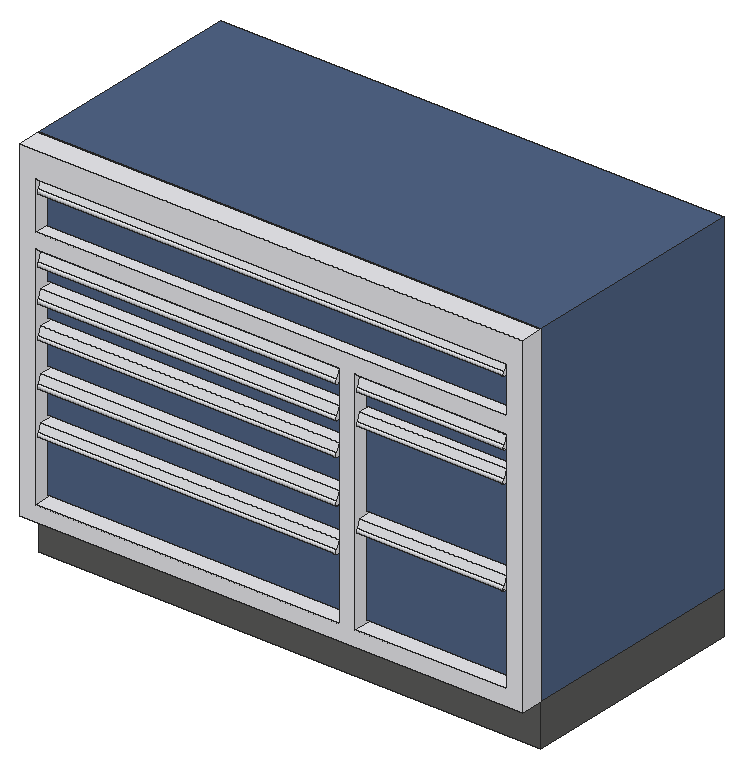
Revit family "Cabinet_Big-Drawer_No-Doors_Moduline", category Furniture, Revit 2025
Family settings
  OmniClass Number = 23.40.20.00
  OmniClass Title = General Furniture and Specialties
  Work Plane-Based = No
  Enable Cutting in Views = No
  Always vertical = Yes
  Cut with Voids When Loaded = No
  Render Appearance Source = Family Geometry
  Shared = No
  Room Calculation Point = No
Parameters (values of type "32"H x 24"D x 48"W")
  Width = 48.000"
  URL = "https://modulinecabinets.com"
  Toe Kick Material [instance] = Metal - Moduline Aluminum Cabinets - Black
  Toe Kick Height [instance] = if(Toe Kick 2in, 2.000", 4.000")  # 4.000"
  Toe Kick 4in [instance] = not(Toe Kick 2in)  # yes
  Toe Kick 2in [instance] = no
  Right Drawers Segment Length = if(Width = 48.000", 14.000", if(Width = 60.000", 22.500", 0.000"))  # 14.000"
  Product Page URL = "https://www.arcat.com/company/moduline-aluminum-cabinets-54175"
  Model = "Pro II Big Drawer Units"
  Manufacturer = "Moduline Aluminum Cabinets"
  Left Drawers Segment Length = if(Width = 60.000", 32.000", if(Width = 48.000", 28.500", 0.000"))  # 28.500"
  Keynote = "12 35 00"
  Height = 31.875"
  Handle Length = Width - 3.500"  # 44.500"
  Frame Material [instance] = Aluminum - Moduline Aluminum Cabinets - Clear Anodized
  Drawer Clearance = if(Depth = 24.000", 20.750", if(Depth = 18.000", 14.750", 0.000"))  # 20.750"
  Description = "Modular Big Drawer Unit, 32\" Height x 24\" Depth x 48\" Width"
  Depth = 24.000"  # constant formula
  Default Elevation = 0.000"
  Copyright = "ARCAT"
  Cabinet Material [instance] = Aluminum - Moduline Aluminum Cabinets - Moduline Blue
  36" Height Drawers Configuration = no
  32" Height Drawers Configuration = yes
Types (4): name | Width | Right Drawers Segment Length | Left Drawers Segment Length | Height | Handle Length | Description | 36" Height Drawers Configuration | 32" Height Drawers Configuration
  32"H x 24"D x 48"W | 48.000" | 14.000" | 28.500" | 31.875" | 44.500" | "Modular Big Drawer Unit, 32\" Height x 24\" Depth x 48\" Width" | no | yes
  36"H x 24"D x 60"W | 60.000" | 22.500" | 32.000" | 35.875" | 56.500" | "Modular Big Drawer Unit, 36\" Height x 24\" Depth x 60\" Width" | yes | no
  36"H x 24"D x 48"W | 48.000" | 14.000" | 28.500" | 35.875" | 44.500" | "Modular Big Drawer Unit, 36\" Height x 24\" Depth x 48\" Width" | yes | no
  32"H x 24"D x 60"W | 60.000" | 22.500" | 32.000" | 31.875" | 56.500" | "Modular Big Drawer Unit, 32\" Height x 24\" Depth x 60\" Width" | no | yes
Reference planes (in)
  plane 1 "Center Front/Back": y = 0
  plane 2 "Bottom": z = 0
  plane 3 "Center Left/Right": x = 0
  plane 4 "Top": z = 35.875
  plane 5 "Left": x = -24
  plane 6 "Right": x = 24
  plane 7 "Toe Kick Height": z = 4
  plane 8 "Front": y = -24
  plane 9 "Frame Back": y = -21.81448
  plane 10 "Drawer Handle": y = -22.31448
  plane 11 "Left Door/Drawer": x = -22.25
  plane 12 "Left Left Door/Drawer": x = 6.25
  plane 13 "Right Door/Drawer": x = 8.25
  plane 14 "Right Right Door/Drawer": x = 22.25
Forms (in)
  Extrusion 1, solid, material "Metal - Moduline Aluminum Cabinets - Black" <- "Toe Kick Material"
    sketch origin (0, 0, 0) x (0, 1, 0) y (0, 0, 1)
      loop
        line (-21.81448, 4) -> (-21.81448, 0) -> (0, 0) -> (0, 4) -> (-21.81448, 4)
    from -24 to 24
  Extrusion 2, solid, material "Aluminum - Moduline Aluminum Cabinets - Clear Anodized" <- "Frame Material"
    sketch origin (0, 0, 0) x (1, 0, 0) y (0, 0, 1)
      loop
        line (-24, 35.875) -> (-24, 4) -> (24, 4) -> (24, 35.875) -> (-24, 35.875)
      loop
        line (-22.5, 33.38183) -> (-22.5, 28.85618) -> (22.5, 28.85618) -> (22.5, 33.38183) -> (-22.5, 33.38183)
      loop
        line (-22.5, 5.5) -> (6.5, 5.5) -> (6.5, 27.36196) -> (-22.5, 27.36196) -> (-22.5, 5.5)
      loop
        line (22.5, 5.5) -> (22.5, 27.36196) -> (8, 27.36196) -> (8, 5.5) -> (22.5, 5.5)
    from 21.81448 to 24
  Extrusion 3, solid, material "Aluminum - Moduline Aluminum Cabinets - Moduline Blue" <- "Cabinet Material", visible <- "32" Height Drawers Configuration"
    sketch origin (0, 0, 0) x (1, 0, 0) y (0, 0, 1)
      loop
        line (-22.25, 12.14196) -> (-22.25, 5.9) -> (6.25, 5.9) -> (6.25, 12.14196) -> (-22.25, 12.14196)
      loop
        line (-22.25, 16.28696) -> (-22.25, 12.78696) -> (6.25, 12.78696) -> (6.25, 16.28696) -> (-22.25, 16.28696)
      loop
        line (-22.25, 16.93196) -> (6.25, 16.93196) -> (6.25, 20.43196) -> (-22.25, 20.43196) -> (-22.25, 16.93196)
      loop
        line (-22.25, 23.57696) -> (-22.25, 21.07696) -> (6.25, 21.07696) -> (6.25, 23.57696) -> (-22.25, 23.57696)
      loop
        line (-22.25, 24.22196) -> (6.25, 24.22196) -> (6.25, 26.72196) -> (-22.25, 26.72196) -> (-22.25, 24.22196)
      loop
        line (8.25, 14.64196) -> (8.25, 5.9) -> (22.25, 5.9) -> (22.25, 14.64196) -> (8.25, 14.64196)
      loop
        line (8.25, 23.78696) -> (8.25, 15.28696) -> (22.25, 15.28696) -> (22.25, 23.78696) -> (8.25, 23.78696)
      loop
        line (8.25, 24.22196) -> (22.25, 24.22196) -> (22.25, 26.72196) -> (8.25, 26.72196) -> (8.25, 24.22196)
      loop
        line (-22.25, 32.994) -> (-22.25, 28.994) -> (22.25, 28.994) -> (22.25, 32.994) -> (-22.25, 32.994)
    from 21.81448 to 22.89839
  Extrusion 4, solid, material "Aluminum - Moduline Aluminum Cabinets - Moduline Blue" <- "Cabinet Material"
    sketch origin (0, 0, 0) x (0, 1, 0) y (0, 0, 1)
      loop
        line (0, 35.875) -> (-21.81448, 35.875) -> (-21.81448, 4) -> (0, 4) -> (0, 35.875)
    from -24 to 24
  Extrusion 5, solid, material "Aluminum - Moduline Aluminum Cabinets - Moduline Blue" <- "Cabinet Material", visible <- "36" Height Drawers Configuration"
    sketch origin (0, -22.31448, 0) x (0, 0, 1) y (-1, 0, 0)
      loop
        line (36.999, 22.25) -> (32.999, 22.25) -> (32.999, -22.25) -> (36.999, -22.25) -> (36.999, 22.25)
      loop
        line (12.07196, 22.25) -> (5.9, 22.25) -> (5.9, -6.25) -> (12.07196, -6.25) -> (12.07196, 22.25)
      loop
        line (16.21696, 22.25) -> (12.71696, 22.25) -> (12.71696, -6.25) -> (16.21696, -6.25) -> (16.21696, 22.25)
      loop
        line (20.36196, 22.25) -> (16.86196, 22.25) -> (16.86196, -6.25) -> (20.36196, -6.25) -> (20.36196, 22.25)
      loop
        line (21.00696, 22.25) -> (21.00696, -6.25) -> (24.50696, -6.25) -> (24.50696, 22.25) -> (21.00696, 22.25)
      loop
        line (25.15196, 22.25) -> (25.15196, -6.25) -> (27.65196, -6.25) -> (27.65196, 22.25) -> (25.15196, 22.25)
      loop
        line (30.79696, 22.25) -> (28.29696, 22.25) -> (28.29696, -6.25) -> (30.79696, -6.25) -> (30.79696, 22.25)
      loop
        line (5.9, -8.25) -> (5.9, -22.25) -> (16.4, -22.25) -> (16.4, -8.25) -> (5.9, -8.25)
      loop
        line (30.555, -8.25) -> (28.055, -8.25) -> (28.055, -22.25) -> (30.555, -22.25) -> (30.555, -8.25)
      loop
        line (27.41781, -8.25) -> (16.91781, -8.25) -> (16.91781, -22.25) -> (27.41781, -22.25) -> (27.41781, -8.25)
    from -0.5 to 0.58391
Lines and regions (in)
  Masking region 1
    outline origin (0, 0, 0) x (1, 0, 0) y (0, 1, 0)
      loop
        line (-24, 0) -> (-24, -24) -> (24, -24) -> (24, 0) -> (-24, 0)
  model lines
    curve 1: line (24, 0, 35.3385) -> (24, 0, 35.50732)
  symbolic lines, style "FurnitureHiddenLines"
    curve 2: line (-24, -24, 35.875) -> (-24, -44.75, 35.875)
    curve 3: line (-24, -44.75, 35.875) -> (24, -44.75, 35.875)
    curve 4: line (24, -44.75, 35.875) -> (24, -24, 35.875)
Dimensions and locks (in)
  "Toe Kick Height": plane 7 "Toe Kick Height" to plane 2 "Bottom"
  "Height": plane 4 "Top" to plane 7 "Toe Kick Height"
  "Width": plane 6 "Right" to plane 5 "Left"
  equal spacing: plane 6 "Right", plane 3 "Center Left/Right", plane 5 "Left"
  locked: plane 8 "Front" to Extrusion 1 sketch curve at 2.18552
  plane 9 "Frame Back" to plane 8 "Front" = 2.18552"
  plane 9 "Frame Back" to plane 10 "Drawer Handle" = 0.500"
  "Depth": plane 8 "Front" to plane 1 "Center Front/Back"
  "Drawer Clearance": curve 3 to plane 8 "Front"
  plane 4 "Top" to Extrusion 2 sketch curve = 2.49317"
  plane 10 "Drawer Handle" to plane 8 "Front" = 1.68552"
  Extrusion 2 sketch curve to plane 6 "Right" = 16.000"
  Extrusion 2 sketch curve to plane 6 "Right" = 17.500"
  locked: plane 4 "Top" to Extrusion 2 sketch curve at 7.01882
  locked: plane 4 "Top" to Extrusion 2 sketch curve at 8.51304  (x2)
  plane 11 "Left Door/Drawer" to plane 5 "Left" = 1.750"
  "Left Drawers Segment Length": plane 12 "Left Left Door/Drawer" to plane 11 "Left Door/Drawer"
  locked: Extrusion 2 sketch curve to plane 12 "Left Left Door/Drawer" at 0.25
  locked: Extrusion 2 sketch curve to plane 12 "Left Left Door/Drawer" at 1.75
  locked: Extrusion 3 sketch curve to plane 12 "Left Left Door/Drawer" at 2  (x3)
  locked: plane 4 "Top" to nested 1 at 3.11233
  locked: plane 4 "Top" to nested 4 at 9.38938
  locked: plane 4 "Top" to nested 2 at 12.53438
  locked: plane 4 "Top" to nested 3 at 15.67938
  locked: plane 4 "Top" to nested 5 at 19.82438
  locked: plane 4 "Top" to nested 6 at 23.96938
  "Right Drawers Segment Length": plane 14 "Right Right Door/Drawer" to plane 13 "Right Door/Drawer"
  plane 6 "Right" to plane 14 "Right Right Door/Drawer" = 1.750"
  plane 13 "Right Door/Drawer" to plane 12 "Left Left Door/Drawer" = 2.000"
  locked: plane 4 "Top" to nested 7 at 9.38938
  locked: plane 4 "Top" to nested 8 at 12.32438  (x2)
  locked: plane 4 "Top" to nested 9 at 21.46938
  Extrusion 2 sketch curve to plane 13 "Right Door/Drawer" = 0.250"
  locked: plane 4 "Top" to Extrusion 3 sketch curve at 6.881
  locked: plane 4 "Top" to Extrusion 3 sketch curve at 2.881
  Extrusion 3 sketch curve to Extrusion 3 sketch curve = 2.500"  (x3)
  Extrusion 3 sketch curve to Extrusion 3 sketch curve = 3.500"  (x2)
  Extrusion 3 sketch curve to Extrusion 3 sketch curve = 6.24196"
  Extrusion 3 sketch curve to Extrusion 3 sketch curve = 8.74196"
  Extrusion 3 sketch curve to Extrusion 3 sketch curve = 8.500"
  locked: Extrusion 5 sketch curve to Extrusion 5 sketch curve at 4
  Extrusion 5 sketch curve to Extrusion 5 sketch curve = 2.500"  (x3)
  Extrusion 5 sketch curve to Extrusion 5 sketch curve = 3.500"  (x3)
  Extrusion 5 sketch curve to Extrusion 5 sketch curve = 6.17196"
  Extrusion 5 sketch curve to Extrusion 3 = 10.500"
  Extrusion 5 sketch curve to Extrusion 5 sketch curve = 10.500"
  locked: plane 4 "Top" to nested 10 at 9.31438
  locked: plane 4 "Top" to nested 11 at 12.45938
  locked: plane 4 "Top" to nested 12 at 15.60438
  locked: plane 4 "Top" to nested 13 at 19.74938
  locked: plane 4 "Top" to nested 14 at 23.89438
  locked: plane 4 "Top" to nested 15 at 28.03938
  locked: plane 4 "Top" to nested 16 at 9.31438
  locked: plane 4 "Top" to nested 18 at 23.46938
  Extrusion 3 sketch curve to Extrusion 2 = 0.400"
  aligned and locked: level to plane 2 "Bottom"
  aligned and locked: plane 7 "Toe Kick Height" to Extrusion 1 sketch curve
  aligned and locked: plane 1 "Center Front/Back" to Extrusion 1 sketch curve
  aligned and locked: plane 2 "Bottom" to Extrusion 1 sketch curve
  aligned and locked: plane 6 "Right" to Extrusion 1
  aligned and locked: Extrusion 1 to plane 5 "Left"
  aligned and locked: Extrusion 2 sketch curve to plane 4 "Top"
  aligned and locked: plane 5 "Left" to Extrusion 2 sketch curve
  aligned and locked: Extrusion 2 sketch curve to plane 6 "Right"
  aligned and locked: Extrusion 2 sketch curve to plane 7 "Toe Kick Height"
  aligned and locked: Extrusion 2 to plane 8 "Front"
  aligned and locked: plane 9 "Frame Back" to Extrusion 2
  aligned and locked: plane 9 "Frame Back" to Extrusion 3
  aligned and locked: Masking region 1 sketch curve to plane 6 "Right"
  aligned and locked: plane 1 "Center Front/Back" to Masking region 1 sketch curve
  aligned and locked: plane 5 "Left" to Masking region 1 sketch curve
  aligned and locked: plane 8 "Front" to Masking region 1 sketch curve
  aligned and locked: Extrusion 3 sketch curve to plane 12 "Left Left Door/Drawer"  (x3)
  aligned and locked: plane 12 "Left Left Door/Drawer" to Extrusion 3 sketch curve  (x2)
  aligned and locked: Extrusion 3 sketch curve to plane 11 "Left Door/Drawer"  (x2)
  aligned and locked: plane 11 "Left Door/Drawer" to Extrusion 3 sketch curve  (x3)
  aligned and locked: plane 12 "Left Left Door/Drawer" to nested 4
  aligned and locked: plane 11 "Left Door/Drawer" to nested 4
  aligned and locked: plane 11 "Left Door/Drawer" to nested 2
  aligned and locked: plane 12 "Left Left Door/Drawer" to nested 2
  aligned and locked: plane 12 "Left Left Door/Drawer" to nested 3
  aligned and locked: plane 11 "Left Door/Drawer" to nested 3
  aligned and locked: plane 11 "Left Door/Drawer" to nested 5
  aligned and locked: plane 12 "Left Left Door/Drawer" to nested 5
  aligned and locked: plane 11 "Left Door/Drawer" to nested 6
  aligned and locked: plane 12 "Left Left Door/Drawer" to nested 6
  aligned and locked: plane 11 "Left Door/Drawer" to nested 1
  aligned and locked: plane 14 "Right Right Door/Drawer" to nested 1
  aligned and locked: plane 14 "Right Right Door/Drawer" to nested 7
  aligned and locked: plane 14 "Right Right Door/Drawer" to nested 8
  aligned and locked: plane 14 "Right Right Door/Drawer" to nested 9
  aligned and locked: plane 1 "Center Front/Back" to Extrusion 4 sketch curve
  aligned and locked: Extrusion 4 sketch curve to plane 4 "Top"
  aligned and locked: Extrusion 4 sketch curve to plane 7 "Toe Kick Height"
  aligned and locked: plane 9 "Frame Back" to Extrusion 4 sketch curve
  aligned and locked: plane 6 "Right" to Extrusion 4
  aligned and locked: Extrusion 4 to plane 5 "Left"
  aligned and locked: plane 11 "Left Door/Drawer" to Extrusion 5 sketch curve  (x4)
  aligned and locked: Extrusion 5 sketch curve to plane 14 "Right Right Door/Drawer"  (x2)
  aligned and locked: Extrusion 5 sketch curve to plane 12 "Left Left Door/Drawer"  (x3)
  aligned and locked: Extrusion 5 sketch curve to plane 11 "Left Door/Drawer"
  aligned and locked: plane 12 "Left Left Door/Drawer" to Extrusion 5 sketch curve
  aligned and locked: Extrusion 5 sketch curve to plane 13 "Right Door/Drawer"
  aligned and locked: plane 14 "Right Right Door/Drawer" to Extrusion 5 sketch curve
  aligned and locked: plane 13 "Right Door/Drawer" to Extrusion 5 sketch curve
  aligned and locked: Extrusion 5 to Extrusion 1
  aligned and locked: plane 11 "Left Door/Drawer" to nested 10
  aligned and locked: plane 12 "Left Left Door/Drawer" to nested 10
  aligned and locked: plane 12 "Left Left Door/Drawer" to nested 11
  aligned and locked: plane 11 "Left Door/Drawer" to nested 11
  aligned and locked: plane 11 "Left Door/Drawer" to nested 12
  aligned and locked: plane 12 "Left Left Door/Drawer" to nested 12
  aligned and locked: plane 12 "Left Left Door/Drawer" to nested 13
  aligned and locked: plane 11 "Left Door/Drawer" to nested 13
  aligned and locked: plane 11 "Left Door/Drawer" to nested 14
  aligned and locked: plane 12 "Left Left Door/Drawer" to nested 14
  aligned and locked: plane 11 "Left Door/Drawer" to nested 15
  aligned and locked: plane 12 "Left Left Door/Drawer" to nested 15
  aligned and locked: plane 13 "Right Door/Drawer" to nested 17
  aligned and locked: plane 14 "Right Right Door/Drawer" to nested 17
  aligned and locked: plane 13 "Right Door/Drawer" to nested 18
  aligned and locked: plane 14 "Right Right Door/Drawer" to nested 18
  aligned and locked: plane 13 "Right Door/Drawer" to nested 16
  aligned and locked: plane 14 "Right Right Door/Drawer" to nested 16
Automatic sketch dimensions
  Extrusion 3 sketch curve to plane 14 "Right Right Door/Drawer" = 0.000"  (x4)
  Extrusion 3 sketch curve to Extrusion 3 sketch curve = 0.645"  (x5)
  Extrusion 3 sketch curve to Extrusion 3 sketch curve = 0.435"
  Extrusion 3 sketch curve to Extrusion 3 sketch curve = 0.000"
  Extrusion 3 sketch curve to plane 11 "Left Door/Drawer" = 0.000"
  curve 1 to plane 6 "Right" = 0.000"
  curve 1 to plane 4 "Top" = 0.5365"
  curve 1 to curve 1 = 0.16882"
  Extrusion 2 sketch curve to plane 11 "Left Door/Drawer" = 0.250"  (x2)
  Extrusion 2 sketch curve to plane 6 "Right" = 1.500"  (x2)
  Extrusion 2 sketch curve to plane 7 "Toe Kick Height" = 1.500"  (x2)
  Extrusion 5 sketch curve to plane 13 "Right Door/Drawer" = 0.000"
  Extrusion 5 sketch curve to plane 14 "Right Right Door/Drawer" = 0.000"
  Extrusion 5 sketch curve to plane 11 "Left Door/Drawer" = 0.000"  (x2)
  Extrusion 5 sketch curve to plane 12 "Left Left Door/Drawer" = 0.000"  (x2)
  Extrusion 5 sketch curve to plane 7 "Toe Kick Height" = 1.900"  (x2)
  Extrusion 5 sketch curve to Extrusion 5 sketch curve = 0.645"  (x5)
  Extrusion 5 sketch curve to Extrusion 5 sketch curve = 0.51781"
  Extrusion 5 sketch curve to Extrusion 5 sketch curve = 0.63719"
  Extrusion 5 sketch curve to Extrusion 5 sketch curve = 2.20205"
  curve 4 to plane 6 "Right" = 0.000"
  curve 3 to plane 5 "Left" = 0.000"
  curve 4 to plane 8 "Front" = 0.000"
  curve 2 to plane 8 "Front" = 0.000"
Nested families (in)
  nested 1: "NEST_QuickDraw-Single_Action_Latch_System" at (0, -22.31448, 32.76267) x (1, 0, 0) z (0, -1, 0), Drawer Handle Material <- "Frame Material", type "NEST_QuickDraw-Single_Action_Latch_System"
    with Length 44.500", Drawer Handle Material Aluminum - Moduline Aluminum Cabinets - Clear Anodized
  nested 2: "NEST_QuickDraw-Single_Action_Latch_System" at (-8, -22.31448, 23.34062) x (1, 0, 0) z (0, -1, 0), Drawer Handle Material <- "Frame Material", Length <- "Left Drawers Segment Length", visible <- "32" Height Drawers Configuration", type "NEST_QuickDraw-Single_Action_Latch_System"
    with Length 28.500", Drawer Handle Material Aluminum - Moduline Aluminum Cabinets - Clear Anodized
  nested 3: "NEST_QuickDraw-Single_Action_Latch_System" at (-8, -22.31448, 20.19562) x (1, 0, 0) z (0, -1, 0), Drawer Handle Material <- "Frame Material", Length <- "Left Drawers Segment Length", visible <- "32" Height Drawers Configuration", type "NEST_QuickDraw-Single_Action_Latch_System"
    with Length 28.500", Drawer Handle Material Aluminum - Moduline Aluminum Cabinets - Clear Anodized
  nested 4: "NEST_QuickDraw-Single_Action_Latch_System" at (-8, -22.31448, 26.48562) x (1, 0, 0) z (0, -1, 0), Drawer Handle Material <- "Frame Material", Length <- "Left Drawers Segment Length", visible <- "32" Height Drawers Configuration", type "NEST_QuickDraw-Single_Action_Latch_System"
    with Length 28.500", Drawer Handle Material Aluminum - Moduline Aluminum Cabinets - Clear Anodized
  nested 5: "NEST_QuickDraw-Single_Action_Latch_System" at (-8, -22.31448, 16.05062) x (1, 0, 0) z (0, -1, 0), Drawer Handle Material <- "Frame Material", Length <- "Left Drawers Segment Length", visible <- "32" Height Drawers Configuration", type "NEST_QuickDraw-Single_Action_Latch_System"
    with Length 28.500", Drawer Handle Material Aluminum - Moduline Aluminum Cabinets - Clear Anodized
  nested 6: "NEST_QuickDraw-Single_Action_Latch_System" at (-8, -22.31448, 11.90562) x (1, 0, 0) z (0, -1, 0), Drawer Handle Material <- "Frame Material", Length <- "Left Drawers Segment Length", visible <- "32" Height Drawers Configuration", type "NEST_QuickDraw-Single_Action_Latch_System"
    with Length 28.500", Drawer Handle Material Aluminum - Moduline Aluminum Cabinets - Clear Anodized
  nested 7: "NEST_QuickDraw-Single_Action_Latch_System" at (15.25, -22.31448, 26.48562) x (1, 0, 0) z (0, -1, 0), Drawer Handle Material <- "Frame Material", Length <- "Right Drawers Segment Length", visible <- "32" Height Drawers Configuration", type "NEST_QuickDraw-Single_Action_Latch_System"
    with Length 14.000", Drawer Handle Material Aluminum - Moduline Aluminum Cabinets - Clear Anodized
  nested 8: "NEST_QuickDraw-Single_Action_Latch_System" at (15.25, -22.31448, 23.55062) x (1, 0, 0) z (0, -1, 0), Drawer Handle Material <- "Frame Material", Length <- "Right Drawers Segment Length", visible <- "32" Height Drawers Configuration", type "NEST_QuickDraw-Single_Action_Latch_System"
    with Length 14.000", Drawer Handle Material Aluminum - Moduline Aluminum Cabinets - Clear Anodized
  nested 9: "NEST_QuickDraw-Single_Action_Latch_System" at (15.25, -22.31448, 14.40562) x (1, 0, 0) z (0, -1, 0), Drawer Handle Material <- "Frame Material", Length <- "Right Drawers Segment Length", visible <- "32" Height Drawers Configuration", type "NEST_QuickDraw-Single_Action_Latch_System"
    with Length 14.000", Drawer Handle Material Aluminum - Moduline Aluminum Cabinets - Clear Anodized
  nested 10: "NEST_QuickDraw-Single_Action_Latch_System" at (-8, -22.31448, 26.56062) x (1, 0, 0) z (0, -1, 0), visible <- "36" Height Drawers Configuration", Drawer Handle Material <- "Frame Material", Length <- "Left Drawers Segment Length", type "NEST_QuickDraw-Single_Action_Latch_System"
    with Length 28.500", Drawer Handle Material Aluminum - Moduline Aluminum Cabinets - Clear Anodized
  nested 11: "NEST_QuickDraw-Single_Action_Latch_System" at (-8, -22.31448, 23.41562) x (1, 0, 0) z (0, -1, 0), Length <- "Left Drawers Segment Length", Drawer Handle Material <- "Frame Material", visible <- "36" Height Drawers Configuration", type "NEST_QuickDraw-Single_Action_Latch_System"
    with Length 28.500", Drawer Handle Material Aluminum - Moduline Aluminum Cabinets - Clear Anodized
  nested 12: "NEST_QuickDraw-Single_Action_Latch_System" at (-8, -22.31448, 20.27062) x (1, 0, 0) z (0, -1, 0), visible <- "36" Height Drawers Configuration", Drawer Handle Material <- "Frame Material", Length <- "Left Drawers Segment Length", type "NEST_QuickDraw-Single_Action_Latch_System"
    with Length 28.500", Drawer Handle Material Aluminum - Moduline Aluminum Cabinets - Clear Anodized
  nested 13: "NEST_QuickDraw-Single_Action_Latch_System" at (-8, -22.31448, 16.12562) x (1, 0, 0) z (0, -1, 0), visible <- "36" Height Drawers Configuration", Drawer Handle Material <- "Frame Material", Length <- "Left Drawers Segment Length", type "NEST_QuickDraw-Single_Action_Latch_System"
    with Length 28.500", Drawer Handle Material Aluminum - Moduline Aluminum Cabinets - Clear Anodized
  nested 14: "NEST_QuickDraw-Single_Action_Latch_System" at (-8, -22.31448, 11.98062) x (1, 0, 0) z (0, -1, 0), visible <- "36" Height Drawers Configuration", Drawer Handle Material <- "Frame Material", Length <- "Left Drawers Segment Length", type "NEST_QuickDraw-Single_Action_Latch_System"
    with Length 28.500", Drawer Handle Material Aluminum - Moduline Aluminum Cabinets - Clear Anodized
  nested 15: "NEST_QuickDraw-Single_Action_Latch_System" at (-8, -22.31448, 7.83562) x (1, 0, 0) z (0, -1, 0), visible <- "36" Height Drawers Configuration", Drawer Handle Material <- "Frame Material", Length <- "Left Drawers Segment Length", type "NEST_QuickDraw-Single_Action_Latch_System"
    with Length 28.500", Drawer Handle Material Aluminum - Moduline Aluminum Cabinets - Clear Anodized
  nested 16: "NEST_QuickDraw-Single_Action_Latch_System" at (15.25, -22.31448, 26.56062) x (1, 0, 0) z (0, -1, 0), visible <- "36" Height Drawers Configuration", Drawer Handle Material <- "Frame Material", Length <- "Right Drawers Segment Length", type "NEST_QuickDraw-Single_Action_Latch_System"
    with Length 14.000", Drawer Handle Material Aluminum - Moduline Aluminum Cabinets - Clear Anodized
  nested 17: "NEST_QuickDraw-Single_Action_Latch_System" at (15.25, -21.81448, 23.42343) x (1, 0, 0) z (0, -1, 0), visible <- "36" Height Drawers Configuration", Drawer Handle Material <- "Frame Material", Length <- "Right Drawers Segment Length", type "NEST_QuickDraw-Single_Action_Latch_System"
    with Length 14.000", Drawer Handle Material Aluminum - Moduline Aluminum Cabinets - Clear Anodized
  nested 18: "NEST_QuickDraw-Single_Action_Latch_System" at (15.25, -22.31448, 12.40562) x (1, 0, 0) z (0, -1, 0), visible <- "36" Height Drawers Configuration", Drawer Handle Material <- "Frame Material", Length <- "Right Drawers Segment Length", type "NEST_QuickDraw-Single_Action_Latch_System"
    with Length 14.000", Drawer Handle Material Aluminum - Moduline Aluminum Cabinets - Clear Anodized
Definition of nested family "NEST_QuickDraw-Single_Action_Latch_System"
  Parameters (values of type "NEST_QuickDraw-Single_Action_Latch_System")
    Length [instance] = 32.29395"
    Drawer Handle Material [instance] = none
    Default Elevation = 48.000"
  Reference planes (in)
    plane 1 "Center (Front/Back)": y = 0
    plane 2: z = 0
    plane 3 "Center (Left/Right)": x = 0
    plane 4: x = 16.14697
    plane 5: x = -16.14697
  Forms (in)
    Extrusion 1, solid
      sketch origin (0, 0, 0) x (1, 0, 0) y (0, 1, 0)
        loop
          line (-48, 48) -> (-48, -48) -> (48, -48) -> (48, 48) -> (-48, 48)
      from 0 to -12
    Extrusion 2, solid, material <- "Drawer Handle Material"
      sketch origin (0.42706, -2.62559, -0.04495) x (0, 1, 0) y (0, 0, 1)
        loop
          line (3.19475, 0.04495) -> (3.19475, 1.41644) -> (2.42653, 1.66605)
          arc (2.42653, 1.66605) -> (2.07868, 1.7476) -> (2.33745, 1.50125) r 0.18511
          line (2.33745, 1.50125) -> (2.85692, 1.33246) -> (2.85692, 0.04495) -> (3.19475, 0.04495)
      from -16.57403 to 15.71991
  Dimensions and locks (in)
    equal spacing: plane 5, plane 3 "Center (Left/Right)", plane 4
    "Length": plane 5 to plane 4
    aligned and locked: plane 2 to Extrusion 1
    aligned and locked: level to Extrusion 1
    aligned and locked: plane 2 to Extrusion 2 sketch curve
    aligned and locked: plane 5 to Extrusion 2
    aligned and locked: plane 4 to Extrusion 2
  Automatic sketch dimensions
    Extrusion 1 sketch curve to Extrusion 1 sketch curve = 96.000"  (x2)
    Extrusion 2 sketch curve to Extrusion 2 sketch curve = 0.09592"
    Extrusion 2 sketch curve to Extrusion 2 sketch curve = 0.185"
    Extrusion 2 sketch curve to Extrusion 2 sketch curve = 0.51947"
    Extrusion 2 sketch curve to Extrusion 2 sketch curve = 0.33783"
    Extrusion 2 sketch curve to Extrusion 2 sketch curve = 1.28751"
    Extrusion 2 sketch curve to Extrusion 2 sketch curve = 0.08398"
    Extrusion 2 sketch curve to Extrusion 2 sketch curve = 0.16879"
    Extrusion 2 sketch curve to Extrusion 2 sketch curve = 0.15832"
    plane 1 "Center (Front/Back)" to Extrusion 2 sketch curve = 0.38405"
